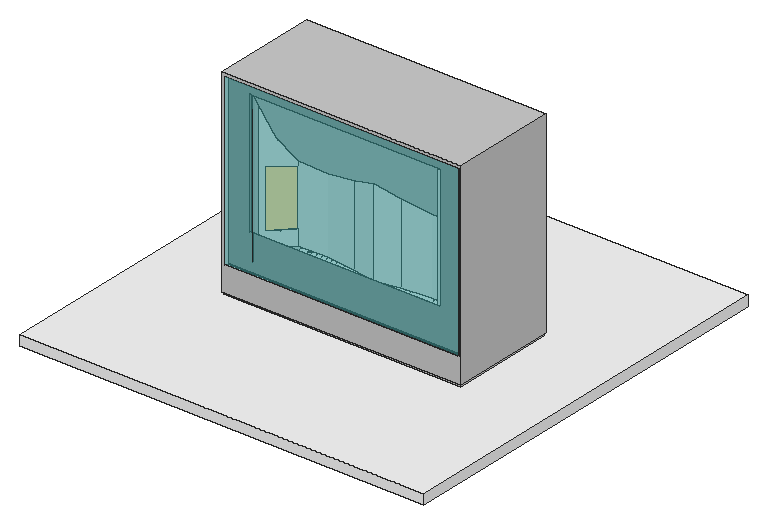
Revit family "BE_22383_de_DE", category Leuchten, Revit 2020
Family settings
  Basisbauteil = Fläche
  Bemaßung runder Anschluss = Durchmesser verwenden
  Teiletyp = Normal
  Beim Laden mit Abzugskörper schneiden = Ja
  Lichtquelle = Ja
  Gemeinsam genutzt = Nein
  Raumberechnungspunkt = Ja
Parameters (values of type "BEGA_22383_Silber_K4")
  built-in parameter 1150104 = 10.618 (stored number, unit not read)
  Wattage = 25.2 W
  Default Elevation = 0 mm
  built-in parameter 1150113 = 1 (stored number, unit not read)
  built-in parameter 1114218 = 1 (stored number, unit not read)
  URL = "https://www.bega.com/de/produkt/22383"
  Typenkommentare = "© 2022 BEGA. Wir behalten uns das Recht vor, technische Änderungen ohne vorherige Ankündigung vorzunehmen."  # constant formula
  Type Image = 22383.png
  built-in parameter 1150134 = 12
  built-in parameter 1150109 = 1 (stored number, unit not read)
  Strom = ""
  built-in parameter 1150110 = 1 (stored number, unit not read)
  Spannung = 239.996 V
  Sonderanfertigung = no
  Seriennummer [instance] = "Hier können Sie die eindeutige Seriennummer für das Facility Management eintragen."
  Schutzklasse = "I"
  Schutzart = "IP 65"
  Scheinlast = 0 VA
  Produktdatenblatt = "https://cdn.bega.com/bega/products/22383WK3/current/documents/data-sheets/de"
  Neigungswinkel = 0.00°
  Modell = "22383AK4"
  Material_17 = BEGA_Reflektor
  Material_15 = BEGA_Leuchtmedium_matt
  Material_09 = BEGA_Glas_klar
  Material_06 = BEGA_Oberfläche_Edelstahl_gebürstet
  Material_03 = BEGA_Oberfläche_Weiss_matt
  Material_02 = BEGA_Oberfläche_Silber_matt
  Material_01 [instance] = BEGA_Oberfläche_Grafit_matt
  M_W = no
  M_G = no
  M_A = yes
  Logo = 0
  built-in parameter 1114217 = 1 (stored number, unit not read)
  built-in parameter 1150139 = (empty or 0)
  built-in parameter 1150105 = 229.19 (stored number, unit not read)
  built-in parameter 1150114 = 1 (stored number, unit not read)
  Lumens = 2880.11 lm
  built-in parameter 1150115 = 1 (stored number, unit not read)
  Leuchtenlichtstrom = "2519 lm"
  Leuchtenanzahl = ""
  Lebensdauerkriterien = "L70B50 @ 25 °C = 200000 h"
  Lastklassifizierung = Beleuchtung
  built-in parameter 1150112 = 1 (stored number, unit not read)
  Lampenlichtstrom = "3090 lm"
  Lampe = "LED 15.4 W"
  LED_Modulbezeichnung = "2x LED-0850/840"
  built-in parameter 1150142 = (empty or 0)
  Hersteller = "BEGA"  # constant formula
  Gewicht = "3.1 kg"
  Frequenz = "0/50-60 Hz"
  Farbwiedergabeindex = "CRI > 80"
  Farbtemperaturverschiebung bei Dämpfen der Lampe = <Keine Auswahl>
  Farbtemperatur = "4000 K"
  Color Filter = 16777215
  built-in parameter 1150133 = 10 (stored number, unit not read)
  Energieeffizienzklasse = "LED A++ - A"
  built-in parameter 1150137 = (empty or 0)
  built-in parameter 1150132 = (empty or 0)
  Dimmbar [instance] = "DALI"
  Datei für fotometrisches Netz = "BE_22383K4.IES"
  CE_Konformität = "ja"
  Bestellnummer = "22383AK4"
  Beschreibung_Sonderanfertigung = "Hier können Sie Informationen zur Sonderanfertigung eintragen."
  Beschreibung = "Wandfluter"
  built-in parameter 1150106 = 2.2919 (stored number, unit not read)
  Befestigungsbohrung = "Ø 5,5 mm"
  Befestigungsabstand = "170 mm"
  BEGA_Intern_aus = yes
  BEGA_Intern_an = yes
  BEGA_Intern_Konstruktion = yes
  BEGA_Intern = yes
  BEGA_IES = yes
  BEGA_Dummy = no
  Anschlussleistung [instance] = "18.5 W"
  built-in parameter 1150107 = 4000 (stored number, unit not read)
  built-in parameter 1150102 = (empty or 0)
  built-in parameter 1150138 = (empty or 0)
  Aktualisierung = "2022-05-18T04:00:07"
  AC/DC = "AC/DC"
Types (6, lengths in mm): name | built-in parameter 1150104 | built-in parameter 1150134 | Modell | M_W | M_G | M_A | built-in parameter 1150105 | Lumens | Leuchtenlichtstrom | Lampenlichtstrom | LED_Modulbezeichnung | Farbtemperatur | Datei für fotometrisches Netz | Bestellnummer | built-in parameter 1150106 | built-in parameter 1150107
  BEGA_22383_Silber_K4 | 10.618 (stored number, unit not read) | 12 | "22383AK4" | no | no | yes | 229.19 (stored number, unit not read) | 2880.11 lm | "2519 lm" | "3090 lm" | "2x LED-0850/840" | "4000 K" | "BE_22383K4.IES" | "22383AK4" | 2.2919 (stored number, unit not read) | 4000 (stored number, unit not read)
  BEGA_22383_Silber_K3 | 9.9174 (stored number, unit not read) | (empty or 0) | "22383AK3" | no | no | yes | 214.07 (stored number, unit not read) | 2690.1 lm | "2446 lm" | "3000 lm" | "2x LED-0850/830" | "3000 K" | "BE_22383K3.IES" | "22383AK3" | 2.1407 (stored number, unit not read) | 3000 (stored number, unit not read)
  BEGA_22383_Weiß_K3 | 9.9174 (stored number, unit not read) | (empty or 0) | "22383WK3" | yes | no | no | 214.07 (stored number, unit not read) | 2690.1 lm | "2446 lm" | "3000 lm" | "2x LED-0850/830" | "3000 K" | "BE_22383K3.IES" | "22383WK3" | 2.1407 (stored number, unit not read) | 3000 (stored number, unit not read)
  BEGA_22383_Grafit_K3 | 9.9174 (stored number, unit not read) | (empty or 0) | "22383K3" | no | yes | no | 214.07 (stored number, unit not read) | 2690.1 lm | "2446 lm" | "3000 lm" | "2x LED-0850/830" | "3000 K" | "BE_22383K3.IES" | "22383K3" | 2.1407 (stored number, unit not read) | 3000 (stored number, unit not read)
  BEGA_22383_Grafit_K4 | 10.618 (stored number, unit not read) | 12 | "22383K4" | no | yes | no | 229.19 (stored number, unit not read) | 2880.11 lm | "2519 lm" | "3090 lm" | "2x LED-0850/840" | "4000 K" | "BE_22383K4.IES" | "22383K4" | 2.2919 (stored number, unit not read) | 4000 (stored number, unit not read)
  BEGA_22383_Weiß_K4 | 10.618 (stored number, unit not read) | 12 | "22383WK4" | yes | no | no | 229.19 (stored number, unit not read) | 2880.11 lm | "2519 lm" | "3090 lm" | "2x LED-0850/840" | "4000 K" | "BE_22383K4.IES" | "22383WK4" | 2.2919 (stored number, unit not read) | 4000 (stored number, unit not read)
Reference planes
  plane 1 "Mitte (Vorne/Hinten)": y = 0
  plane 2: z = 0
  plane 3 "Mitte (Links/Rechts)": x = 0
  plane 4 "Links": x = -118.193
  plane 5 "Rechts": x = 118.193
  plane 6 "Unten": y = -52.5
  plane 7 "Oben": y = 52.5
  plane 8 "Vorne": z = 197.084
Forms (mm)
  Extrusion 1, solid, material "BEGA_Platte_Weiss"
    sketch origin (0, -1119.2, 0) x (1, 0, 0) y (0, 1, 0)
      loop
        line (-200, 1319.2) -> (-200, 919.2) -> (200, 919.2) -> (200, 1319.2) -> (-200, 1319.2)
    from 0 to -10
  Extrusion 2, solid, material "BEGA_Dummy_matt", visible <- "BEGA_Dummy"
    sketch origin (80.095, -76.023, 0) x (1, 0, 0) y (0, 1, 0)
      loop
        line (-198.288, 128.523) -> (-198.288, 23.523) -> (38.098, 23.523) -> (38.098, 128.523) -> (-198.288, 128.523)
    from 0 to 25.379
Dimensions and locks
  plane 1 "Mitte (Vorne/Hinten)" to Extrusion 1 = 200 mm
  aligned and locked: plane 2 to Extrusion 1
  aligned and locked: level to Extrusion 1
Nested families
  nested 1: "BE_22383_Wandleuchte" at (0, 0, 0), type "BE_22383_Wandleuchte"
    with BEGA_Infotext_Winkel no
Connectors
  electrical at (0, 0, 0), driven by "Lastklassifizierung", driven by "Spannung", driven by "Scheinlast"
    settings: index 1, voltage 239.996 V, apparent load 0 VA, apparent load phase1 0 VA, apparent load phase2 0 VA, apparent load phase3 0 VA, power factor 1, load classification "Beleuchtung", number of poles 1, system type 31, power factor state 1, is connector primary yes, connector utility no, sub classification motor no, connector description ""
Definition of nested family "BE_22383_Wandleuchte"
  Parameters (values of type "BE_22383_Wandleuchte")
    Default Elevation = 1 mm
    URL = "http://www.bega.de/de/produkt"
    Type Comments = "© 2015 BEGA. Wir behalten uns das Recht vor, technische Änderungen ohne vorherige Ankündigung vorzunehmen. "  # constant formula
    Type Image = element 70711
    Material_17 = none
    Material_15 = none
    Material_09 = none
    Material_03 = none
    Material_02 = none
    Material_01 = none
    M_W = yes
    M_G = yes
    M_A = yes
    Länge_Platte = 250 mm  # constant formula
    Höhe_Platte = -10 mm  # constant formula
    Manufacturer = "BEGA"  # constant formula
    Breite_Platte = 200 mm  # constant formula
    BEGA_Infotext_Winkel [instance] = no
    Aktualisierung = "Stand: 25.03.2015"  # constant formula
  Reference planes
    plane 1 "Mitte (Oben/Unten)": y = 0
    plane 2: z = 0
    plane 3 "Mitte (Links/Rechts)": x = 0
    plane 4 "Oben": y = 52.5
    plane 5: x = -118.193
    plane 6: x = 118.193
    plane 7: y = -52.5
    plane 8: z = 197.084
  Forms (mm)
    Extrusion 1, solid, detail levels medium
      sketch origin (0, 0, 0) x (1, 0, 0) y (0, 1, 0)
        loop
          line (-125, 100) -> (-125, -100) -> (125, -100) -> (125, 100) -> (-125, 100)
      from 0 to -10 <- "Höhe_Platte"
    Sweep 2, solid, material <- "Material_01", visible <- "M_G", detail levels medium+fine
      path origin (0, 0, 0) x (1, 0, 0) y (0, 1, 0)
        loop
          line (-118.193, 52.5) -> (-118.193, -52.5) -> (118.193, -52.5) -> (118.193, 52.5) -> (-118.193, 52.5)
      profile origin (0, 52.5, 0) x (0, 1, 0) y (0, 0, 1)
        loop
          line (-0.913, 0) -> (-1, 2.5) -> (-8.837, 2.5) -> (-9.5, 21.5) -> (-14, 21.5) -> (-14.384, 10.5) -> (-22.548, 10.5) -> (-22.548, 8) -> (-13, 8) -> (-12.459, 1.817)
          arc (-12.459, 1.817) -> (-11.815, 0.523) -> (-10.467, 0) r 2
          line (-10.467, 0) -> (-0.913, 0)
    Extrusion 3, solid, material <- "Material_01", visible <- "M_G", detail levels medium+fine
      sketch origin (0, 0, 0) x (1, 0, 0) y (0, 1, 0)
        loop
          line (-95.645, 29.952) -> (-95.645, -29.952) -> (95.645, -29.952) -> (95.645, 29.952) -> (-95.645, 29.952)
      from 8 to 10.5
    Sweep 4, solid, material <- "Material_01", visible <- "M_G", detail levels medium+fine
      path origin (0, 0, 0) x (1, 0, 0) y (0, 1, 0)
        loop
          line (118.193, -52.5) -> (118.193, 52.5) -> (-118.193, 52.5) -> (-118.193, -52.5) -> (118.193, -52.5)
      profile origin (0, -52.5, 0) x (0, -1, 0) y (0, 0, 1)
        loop
          line (-2.5, 192.081) -> (-2.5, 2.5) -> (0, 2.5) -> (0, 197.084) -> (-11.489, 197.084) -> (-11.489, 192.081) -> (-2.5, 192.081)
    Extrusion 5, solid, material <- "Material_01", visible <- "M_G", detail levels medium+fine
      sketch origin (0, 0, 0) x (0, 1, 0) y (0, 0, 1)
        loop
          line (41.011, 197.084) -> (-41.011, 197.084) -> (-41.011, 192.081) -> (41.011, 192.081) -> (41.011, 197.084)
      from -106.704 to 106.704
    Extrusion 6, void
      sketch origin (0, 0, 0) x (0, 1, 0) y (0, 0, 1)
        loop
          line (-52.5, 194.084) -> (-52.5, 26.916) -> (-48.4, 26.916) -> (-48.4, 194.084) -> (-52.5, 194.084)
      from -115.693 to 115.693
    Extrusion 7, solid, material <- "Material_09", detail levels medium+fine
      sketch origin (0, 0, 0) x (0, 1, 0) y (0, 0, 1)
        loop
          line (-48.4, 26.916) -> (-48.4, 194.084) -> (-52.4, 194.084) -> (-52.4, 26.916) -> (-48.4, 26.916)
      from -115.693 to 117.193
    Extrusion 8, solid, material <- "Material_01", detail levels medium+fine
      sketch origin (0, -48.4, 27.25) x (0, 0, 1) y (1, 0, 0)
        loop
          line (166.834, -115.693) -> (166.834, 117.193) -> (-0.334, 117.193) -> (-0.334, -115.693) -> (166.834, -115.693)
        loop
          line (156.834, 95.193) -> (34.666, 95.193) -> (34.666, -93.693) -> (156.834, -93.693) -> (156.834, 95.193)
      from 0 to 0.502
    Extrusion 9, solid, material <- "Material_15", detail levels medium+fine
      sketch origin (0, 0, 0) x (1, 0, 0) y (0, 1, 0)
        loop
          line (-78.005, -2.349) -> (-79.278, -1.076) -> (-103.319, -25.118) -> (-102.046, -26.39) -> (-78.005, -2.349)
        loop
          line (79.278, -1.076) -> (78.005, -2.349) -> (102.046, -26.39) -> (103.319, -25.118) -> (79.278, -1.076)
      from 50.704 to 107.299
    Extrusion 10, solid, material <- "Material_17", detail levels medium+fine
      sketch origin (0, 0, 0) x (1, 0, 0) y (0, 1, 0)
        loop
          line (-96, -46.013) -> (-96, -47.097) -> (-91.5, -47.097)
          arc (-91.5, -47.097) -> (-97.524, -38.082) -> (-101.827, -28.131) r 60
          line (-101.827, -28.131) -> (-79.767, -6.071)
          arc (-79.767, -6.071) -> (-51.639, -5.025) -> (-23.641, -7.938) r 200
          line (-23.641, -7.938) -> (0, -12.097) -> (23.641, -7.938)
          arc (23.641, -7.938) -> (51.639, -5.025) -> (79.767, -6.071) r 200
          line (79.767, -6.071) -> (101.827, -28.131)
          arc (101.827, -28.131) -> (97.524, -38.082) -> (91.5, -47.097) r 60
          line (91.5, -47.097) -> (96, -47.097) -> (96, -45.973) -> (93.015, -45.973)
          arc (93.015, -45.973) -> (98.465, -37.38) -> (102.398, -27.994) r 60.5
          line (102.398, -27.994) -> (79.997, -5.593)
          arc (79.997, -5.593) -> (51.68, -4.524) -> (23.495, -7.456) r 200.5
          line (23.495, -7.456) -> (0, -11.589) -> (-23.495, -7.456)
          arc (-23.495, -7.456) -> (-51.68, -4.524) -> (-79.997, -5.593) r 200.5
          line (-79.997, -5.593) -> (-102.398, -27.994)
          arc (-102.398, -27.994) -> (-98.453, -37.402) -> (-92.985, -46.013) r 60.5
          line (-92.985, -46.013) -> (-96, -46.013)
      from 35.739 to 185.739
    Extrusion 11, void
      sketch origin (0, 0, 0) x (1, 0, 0) y (0, 1, 0)
        loop
          line (-80.442, -5.397) -> (-98.635, -23.59) -> (-97.669, -24.556) -> (-79.476, -6.363) -> (-80.442, -5.397)
        loop
          line (80.442, -5.397) -> (79.476, -6.363) -> (97.669, -24.556) -> (98.635, -23.59) -> (80.442, -5.397)
      from 50.704 to 107.299
    Extrusion 12, void
      sketch origin (0, 0, 0) x (0, 1, 0) y (0, 0, 1)
        loop
          line (-47.2, 182.873) -> (7.8, 87.61) -> (7.8, 188.491) -> (-47.2, 188.491) -> (-47.2, 182.873)
      from -90.943 to 90.785
    Extrusion 13, solid, material <- "Material_17", detail levels medium+fine
      sketch origin (-115.693, 0, 0) x (0, -1, 0) y (0, 0, 1)
        loop
          line (4.248, 108.477) -> (47.097, 182.694) -> (47.097, 185.486) -> (3.226, 109.499) -> (4.248, 108.477)
      from -221.427 to -24.626
    Extrusion 14, void
      sketch origin (0, 0, 0) x (1, 0, 0) y (0, 1, 0)
        loop
          circle (-54.435, -4.342) r 8.5
        loop
          circle (-65, -27) r 8.5
        loop
          circle (-86.78, 0) r 3
        loop
          circle (85, 0) r 3
      from 0 to 16.217
    Sweep 15, solid, material <- "Material_02", visible <- "M_A", detail levels medium+fine
      path origin (0, 0, 0) x (1, 0, 0) y (0, 1, 0)
        loop
          line (118.193, -52.5) -> (118.193, 52.5) -> (-118.193, 52.5) -> (-118.193, -52.5) -> (118.193, -52.5)
      profile origin (0, -52.5, 0) x (0, -1, 0) y (0, 0, 1)
        loop
          line (-2.5, 192.081) -> (-2.5, 2.5) -> (0, 2.5) -> (0, 197.084) -> (-11.489, 197.084) -> (-11.489, 192.081) -> (-2.5, 192.081)
    Extrusion 16, solid, material <- "Material_02", visible <- "M_A", detail levels medium+fine
      sketch origin (0, 0, 0) x (0, 1, 0) y (0, 0, 1)
        loop
          line (41.011, 197.084) -> (-41.011, 197.084) -> (-41.011, 192.081) -> (41.011, 192.081) -> (41.011, 197.084)
      from -106.704 to 106.704
    Sweep 17, solid, material <- "Material_03", visible <- "M_W", detail levels medium+fine
      path origin (0, 0, 0) x (1, 0, 0) y (0, 1, 0)
        loop
          line (118.193, -52.5) -> (118.193, 52.5) -> (-118.193, 52.5) -> (-118.193, -52.5) -> (118.193, -52.5)
      profile origin (0, -52.5, 0) x (0, -1, 0) y (0, 0, 1)
        loop
          line (-2.5, 192.081) -> (-2.5, 2.5) -> (0, 2.5) -> (0, 197.084) -> (-11.489, 197.084) -> (-11.489, 192.081) -> (-2.5, 192.081)
    Extrusion 18, solid, material <- "Material_03", visible <- "M_W", detail levels medium+fine
      sketch origin (0, 0, 0) x (0, 1, 0) y (0, 0, 1)
        loop
          line (41.011, 197.084) -> (-41.011, 197.084) -> (-41.011, 192.081) -> (41.011, 192.081) -> (41.011, 197.084)
      from -106.704 to 106.704
    Sweep 19, solid, material <- "Material_02", visible <- "M_A", detail levels medium+fine
      path origin (0, 0, 0) x (1, 0, 0) y (0, 1, 0)
        loop
          line (-118.193, 52.5) -> (-118.193, -52.5) -> (118.193, -52.5) -> (118.193, 52.5) -> (-118.193, 52.5)
      profile origin (0, 52.5, 0) x (0, 1, 0) y (0, 0, 1)
        loop
          line (-0.913, 0) -> (-1, 2.5) -> (-8.837, 2.5) -> (-9.5, 21.5) -> (-14, 21.5) -> (-14.384, 10.5) -> (-22.548, 10.5) -> (-22.548, 8) -> (-13, 8) -> (-12.459, 1.817)
          arc (-12.459, 1.817) -> (-11.815, 0.523) -> (-10.467, 0) r 2
          line (-10.467, 0) -> (-0.913, 0)
    Extrusion 20, solid, material <- "Material_02", visible <- "M_A", detail levels medium+fine
      sketch origin (0, 0, 0) x (1, 0, 0) y (0, 1, 0)
        loop
          line (-95.645, 29.952) -> (-95.645, -29.952) -> (95.645, -29.952) -> (95.645, 29.952) -> (-95.645, 29.952)
      from 8 to 10.5
    Sweep 21, solid, material <- "Material_03", visible <- "M_W", detail levels medium+fine
      path origin (0, 0, 0) x (1, 0, 0) y (0, 1, 0)
        loop
          line (-118.193, 52.5) -> (-118.193, -52.5) -> (118.193, -52.5) -> (118.193, 52.5) -> (-118.193, 52.5)
      profile origin (0, 52.5, 0) x (0, 1, 0) y (0, 0, 1)
        loop
          line (-0.913, 0) -> (-1, 2.5) -> (-8.837, 2.5) -> (-9.5, 21.5) -> (-14, 21.5) -> (-14.384, 10.5) -> (-22.548, 10.5) -> (-22.548, 8) -> (-13, 8) -> (-12.459, 1.817)
          arc (-12.459, 1.817) -> (-11.815, 0.523) -> (-10.467, 0) r 2
          line (-10.467, 0) -> (-0.913, 0)
    Extrusion 22, solid, material <- "Material_03", visible <- "M_W", detail levels medium+fine
      sketch origin (0, 0, 0) x (1, 0, 0) y (0, 1, 0)
        loop
          line (-95.645, 29.952) -> (-95.645, -29.952) -> (95.645, -29.952) -> (95.645, 29.952) -> (-95.645, 29.952)
      from 8 to 10.5
  Cuts and joins
    Extrusion 11, Extrusion 14 cuts Sweep 2
    Extrusion 11, Extrusion 14 cuts Extrusion 3
    joined: Sweep 2, Extrusion 3
    Extrusion 6, Extrusion 11, Extrusion 12, Extrusion 14 cuts Sweep 4
    Extrusion 6, Extrusion 11, Extrusion 12, Extrusion 14 cuts Extrusion 5
    joined: Sweep 4, Extrusion 5
    Extrusion 11, Extrusion 12, Extrusion 14 cuts Extrusion 10
    Extrusion 14 cuts Extrusion 13
    Extrusion 6 cuts Sweep 15
    joined: Sweep 15, Extrusion 16
    Extrusion 6, Extrusion 14 cuts Sweep 17
    joined: Sweep 17, Extrusion 18
    Extrusion 14 cuts Sweep 19
    Extrusion 14 cuts Extrusion 20
    joined: Sweep 19, Extrusion 20
    Extrusion 14 cuts Sweep 21
    Extrusion 14 cuts Extrusion 22
    joined: Sweep 21, Extrusion 22
  Dimensions and locks
    equal spacing: Extrusion 1 sketch curve, plane 3 "Mitte (Links/Rechts)", Extrusion 1 sketch curve
    equal spacing: Extrusion 1 sketch curve, plane 1 "Mitte (Oben/Unten)", Extrusion 1 sketch curve
    "Länge_Platte": Extrusion 1 sketch curve to Extrusion 1 sketch curve
    "Breite_Platte": Extrusion 1 sketch curve to Extrusion 1 sketch curve
    plane 1 "Mitte (Oben/Unten)" to Extrusion 1 = 100 mm  (x3)
    aligned and locked: Extrusion 1 to plane 2
    aligned and locked: Extrusion 1 to level
  Automatic sketch dimensions
    plane 1 "Mitte (Oben/Unten)" to Sweep 2 sketch curve = 52.5 mm
    Sweep 2 sketch curve to plane 1 "Mitte (Oben/Unten)" = 52.5 mm
    Sweep 2 sketch curve to level = 0 mm
    level to Sweep 2 sketch curve = 10.5 mm
    profile plane to Sweep 2 sketch curve = 22.548 mm
    Sweep 2 sketch curve to Sweep 2 sketch curve = 8.164 mm
    Sweep 2 sketch curve to Sweep 2 sketch curve = 0.384 mm
    Sweep 2 sketch curve to Sweep 2 sketch curve = 1.384 mm
    level to Sweep 2 sketch curve = 1.817 mm
    Sweep 2 sketch curve to Sweep 2 sketch curve = 0.541 mm
    level to Sweep 2 sketch curve = 2 mm
    Sweep 2 sketch curve to Sweep 2 sketch curve = 4.5 mm
    level to Sweep 2 sketch curve = 2.5 mm
    Sweep 2 sketch curve to Sweep 2 sketch curve = 1.631 mm
    profile plane to Sweep 2 sketch curve = 1 mm
    profile plane to Sweep 2 sketch curve = 0.913 mm
    Sweep 2 sketch curve to Sweep 2 sketch curve = 2.5 mm
    Sweep 2 sketch curve to Sweep 2 sketch curve = 11 mm
    plane 1 "Mitte (Oben/Unten)" to Extrusion 3 sketch curve = 29.952 mm
    Extrusion 3 sketch curve to plane 3 "Mitte (Links/Rechts)" = 95.645 mm
    plane 3 "Mitte (Links/Rechts)" to Extrusion 3 sketch curve = 95.645 mm
    Extrusion 3 sketch curve to plane 1 "Mitte (Oben/Unten)" = 29.952 mm
    plane 1 "Mitte (Oben/Unten)" to Sweep 4 sketch curve = 52.5 mm
    Sweep 4 sketch curve to plane 1 "Mitte (Oben/Unten)" = 52.5 mm
    Sweep 4 sketch curve to profile plane = 0 mm
    profile plane to Sweep 4 sketch curve = 2.5 mm
    Sweep 4 sketch curve to Sweep 4 sketch curve = 8.989 mm
    level to Sweep 4 sketch curve = 2.5 mm
    Sweep 4 sketch curve to Sweep 4 sketch curve = 189.581 mm
    Sweep 4 sketch curve to Sweep 4 sketch curve = 5.003 mm
    plane 1 "Mitte (Oben/Unten)" to Extrusion 5 sketch curve = 41.011 mm
    Extrusion 5 sketch curve to plane 1 "Mitte (Oben/Unten)" = 41.011 mm
    plane 1 "Mitte (Oben/Unten)" to Extrusion 6 sketch curve = 52.5 mm
    Extrusion 6 sketch curve to Extrusion 6 sketch curve = 4.1 mm
    level to Extrusion 6 sketch curve = 26.916 mm
    plane 1 "Mitte (Oben/Unten)" to Extrusion 7 sketch curve = 52.4 mm
    Extrusion 7 sketch curve to Extrusion 7 sketch curve = 4 mm
    level to Extrusion 7 sketch curve = 26.916 mm
    Extrusion 8 sketch curve to Extrusion 7 = 0 mm  (x3)
    Extrusion 7 to Extrusion 8 sketch curve = 0 mm
    Extrusion 7 to Extrusion 8 sketch curve = 35 mm
    Extrusion 7 to Extrusion 8 sketch curve = 10 mm
    Extrusion 7 to Extrusion 8 sketch curve = 22 mm  (x2)
    plane 1 "Mitte (Oben/Unten)" to Extrusion 9 sketch curve = 1.076 mm  (x2)
    Extrusion 9 sketch curve to plane 3 "Mitte (Links/Rechts)" = 79.278 mm
    plane 1 "Mitte (Oben/Unten)" to Extrusion 9 sketch curve = 25.118 mm  (x2)
    Extrusion 9 sketch curve to Extrusion 9 sketch curve = 24.042 mm  (x2)
    plane 1 "Mitte (Oben/Unten)" to Extrusion 9 sketch curve = 2.349 mm  (x2)
    Extrusion 9 sketch curve to Extrusion 9 sketch curve = 1.273 mm  (x4)
    plane 1 "Mitte (Oben/Unten)" to Extrusion 9 sketch curve = 26.39 mm
    plane 3 "Mitte (Links/Rechts)" to Extrusion 9 sketch curve = 78.005 mm
    Extrusion 10 sketch curve to Extrusion 10 sketch curve = 0 mm  (x14)
    Extrusion 10 sketch curve to plane 3 "Mitte (Links/Rechts)" = 0 mm  (x2)
    plane 1 "Mitte (Oben/Unten)" to Extrusion 10 sketch curve = 7.456 mm  (x2)
    Extrusion 10 sketch curve to plane 3 "Mitte (Links/Rechts)" = 23.495 mm
    plane 1 "Mitte (Oben/Unten)" to Extrusion 10 sketch curve = 9.389 mm  (x2)
    Extrusion 10 sketch curve to Extrusion 10 sketch curve = 21.334 mm  (x2)
    Extrusion 10 sketch curve to Extrusion 10 sketch curve = 46.671 mm  (x2)
    Extrusion 10 sketch curve to Extrusion 10 sketch curve = 1.485 mm
    Extrusion 10 sketch curve to Extrusion 10 sketch curve = 3.015 mm
    plane 1 "Mitte (Oben/Unten)" to Extrusion 10 sketch curve = 28.131 mm  (x2)
    Extrusion 10 sketch curve to Extrusion 10 sketch curve = 5.827 mm
    plane 1 "Mitte (Oben/Unten)" to Extrusion 10 sketch curve = 27.994 mm  (x2)
    Extrusion 10 sketch curve to Extrusion 10 sketch curve = 0.57 mm  (x2)
    plane 3 "Mitte (Links/Rechts)" to Extrusion 10 sketch curve = 23.495 mm
    Extrusion 10 sketch curve to Extrusion 10 sketch curve = 1.515 mm
    Extrusion 10 sketch curve to Extrusion 10 sketch curve = 8.812 mm
    plane 1 "Mitte (Oben/Unten)" to Extrusion 10 sketch curve = 12.097 mm
    Extrusion 10 sketch curve to Extrusion 10 sketch curve = 0.508 mm
    Extrusion 10 sketch curve to Extrusion 10 sketch curve = 0.146 mm  (x2)
    plane 1 "Mitte (Oben/Unten)" to Extrusion 10 sketch curve = 7.938 mm  (x2)
    plane 1 "Mitte (Oben/Unten)" to Extrusion 10 sketch curve = 6.071 mm  (x2)
    Extrusion 10 sketch curve to Extrusion 10 sketch curve = 0.229 mm  (x2)
    Extrusion 10 sketch curve to Extrusion 10 sketch curve = 22.06 mm  (x2)
    plane 1 "Mitte (Oben/Unten)" to Extrusion 10 sketch curve = 5.593 mm  (x2)
    Extrusion 10 sketch curve to Extrusion 10 sketch curve = 2.985 mm
    plane 1 "Mitte (Oben/Unten)" to Extrusion 11 sketch curve = 23.59 mm  (x2)
    Extrusion 11 sketch curve to plane 3 "Mitte (Links/Rechts)" = 98.635 mm
    plane 1 "Mitte (Oben/Unten)" to Extrusion 11 sketch curve = 24.556 mm  (x2)
    Extrusion 11 sketch curve to Extrusion 11 sketch curve = 0.966 mm  (x4)
    plane 1 "Mitte (Oben/Unten)" to Extrusion 11 sketch curve = 5.397 mm  (x2)
    Extrusion 11 sketch curve to Extrusion 11 sketch curve = 18.193 mm  (x2)
    plane 1 "Mitte (Oben/Unten)" to Extrusion 11 sketch curve = 6.363 mm  (x2)
    plane 3 "Mitte (Links/Rechts)" to Extrusion 11 sketch curve = 79.476 mm
    plane 1 "Mitte (Oben/Unten)" to Extrusion 12 sketch curve = 47.2 mm
    Extrusion 12 sketch curve to plane 1 "Mitte (Oben/Unten)" = 7.8 mm
    level to Extrusion 12 sketch curve = 87.61 mm
    Extrusion 12 sketch curve to Extrusion 12 sketch curve = 5.619 mm
    Extrusion 14 sketch curve to plane 1 "Mitte (Oben/Unten)" = 0 mm  (x2)
    Extrusion 14 sketch curve to plane 3 "Mitte (Links/Rechts)" = 86.78 mm
    Extrusion 14 sketch curve to Extrusion 14 sketch curve = 21.78 mm
    plane 1 "Mitte (Oben/Unten)" to Extrusion 14 sketch curve = 4.342 mm
    Extrusion 14 sketch curve to Extrusion 14 sketch curve = 10.565 mm
    plane 3 "Mitte (Links/Rechts)" to Extrusion 14 sketch curve = 85 mm
    Extrusion 14 sketch curve to Extrusion 14 sketch curve = 22.658 mm
    Extrusion 7 to Extrusion 13 sketch curve = 45.174 mm
    Extrusion 13 sketch curve to Extrusion 13 sketch curve = 1.022 mm  (x2)
    Extrusion 7 to Extrusion 13 sketch curve = 1.303 mm
    Extrusion 13 sketch curve to Extrusion 7 = 11.39 mm
    Extrusion 13 sketch curve to Extrusion 13 sketch curve = 2.793 mm
    Extrusion 13 sketch curve to Extrusion 7 = 82.583 mm
    Sweep 2 sketch curve to plane 3 "Mitte (Links/Rechts)" = 118.193 mm
    Sweep 4 sketch curve to plane 3 "Mitte (Links/Rechts)" = 118.193 mm
    plane 3 "Mitte (Links/Rechts)" to Sweep 2 sketch curve = 118.193 mm
    plane 3 "Mitte (Links/Rechts)" to Sweep 4 sketch curve = 118.193 mm
    Extrusion 10 sketch curve to plane 3 "Mitte (Links/Rechts)" = 58.288 mm
    plane 3 "Mitte (Links/Rechts)" to Extrusion 10 sketch curve = 58.288 mm
    level to Extrusion 5 sketch curve = 192.081 mm
    Extrusion 5 sketch curve to Extrusion 5 sketch curve = 5.003 mm
    Extrusion 6 sketch curve to Extrusion 6 sketch curve = 167.168 mm
    Extrusion 7 sketch curve to Extrusion 7 sketch curve = 167.168 mm
    Extrusion 12 sketch curve to Extrusion 12 sketch curve = 95.263 mm
    Sweep 15 sketch curve to plane 5 = 0 mm
    Sweep 15 sketch curve to plane 4 "Oben" = 0 mm
    Sweep 15 sketch curve to plane 6 = 0 mm
    Sweep 15 sketch curve to plane 7 = 0 mm
    Sweep 15 sketch curve to profile plane = 0 mm
    profile plane to Sweep 15 sketch curve = 2.5 mm
    Sweep 15 sketch curve to Sweep 15 sketch curve = 8.989 mm
    level to Sweep 15 sketch curve = 2.5 mm
    Sweep 15 sketch curve to Sweep 15 sketch curve = 189.581 mm
    Sweep 15 sketch curve to Sweep 15 sketch curve = 5.003 mm
    plane 8 to Extrusion 16 sketch curve = 0 mm
    plane 8 to Extrusion 16 sketch curve = 5.003 mm
    Extrusion 16 sketch curve to plane 7 = 11.489 mm
    Extrusion 16 sketch curve to plane 4 "Oben" = 11.489 mm
    Sweep 17 sketch curve to plane 5 = 0 mm
    Sweep 17 sketch curve to plane 4 "Oben" = 0 mm
    Sweep 17 sketch curve to plane 6 = 0 mm
    Sweep 17 sketch curve to plane 7 = 0 mm
    Sweep 17 sketch curve to profile plane = 0 mm
    profile plane to Sweep 17 sketch curve = 2.5 mm
    Sweep 17 sketch curve to Sweep 17 sketch curve = 8.989 mm
    level to Sweep 17 sketch curve = 2.5 mm
    Sweep 17 sketch curve to Sweep 17 sketch curve = 189.581 mm
    Sweep 17 sketch curve to Sweep 17 sketch curve = 5.003 mm
    plane 8 to Extrusion 18 sketch curve = 0 mm
    plane 8 to Extrusion 18 sketch curve = 5.003 mm
    Extrusion 18 sketch curve to plane 7 = 11.489 mm
    Extrusion 18 sketch curve to plane 4 "Oben" = 11.489 mm
    Sweep 19 sketch curve to plane 5 = 0 mm
    Sweep 19 sketch curve to plane 6 = 0 mm
    Sweep 19 sketch curve to plane 7 = 0 mm
    Sweep 19 sketch curve to plane 4 "Oben" = 0 mm
    Sweep 19 sketch curve to level = 0 mm
    level to Sweep 19 sketch curve = 10.5 mm
    profile plane to Sweep 19 sketch curve = 22.548 mm
    Sweep 19 sketch curve to Sweep 19 sketch curve = 8.164 mm
    Sweep 19 sketch curve to Sweep 19 sketch curve = 0.384 mm
    Sweep 19 sketch curve to Sweep 19 sketch curve = 1.384 mm
    level to Sweep 19 sketch curve = 1.817 mm
    Sweep 19 sketch curve to Sweep 19 sketch curve = 0.541 mm
    Sweep 19 sketch curve to Sweep 19 sketch curve = 1.992 mm
    Sweep 19 sketch curve to Sweep 19 sketch curve = 4.5 mm
    level to Sweep 19 sketch curve = 2.5 mm
    Sweep 19 sketch curve to Sweep 19 sketch curve = 1.631 mm
    profile plane to Sweep 19 sketch curve = 1 mm
    profile plane to Sweep 19 sketch curve = 0.913 mm
    Sweep 19 sketch curve to Sweep 19 sketch curve = 2.5 mm
    Sweep 19 sketch curve to Sweep 19 sketch curve = 11 mm
    Extrusion 20 sketch curve to plane 5 = 22.548 mm
    Extrusion 20 sketch curve to plane 6 = 22.548 mm
    Extrusion 20 sketch curve to plane 7 = 22.548 mm
    Extrusion 20 sketch curve to plane 4 "Oben" = 22.548 mm
    Sweep 21 sketch curve to plane 5 = 0 mm
    Sweep 21 sketch curve to plane 6 = 0 mm
    Sweep 21 sketch curve to plane 7 = 0 mm
    Sweep 21 sketch curve to plane 4 "Oben" = 0 mm
    Sweep 21 sketch curve to level = 0 mm
    level to Sweep 21 sketch curve = 10.5 mm
    profile plane to Sweep 21 sketch curve = 22.548 mm
    Sweep 21 sketch curve to Sweep 21 sketch curve = 8.164 mm
    Sweep 21 sketch curve to Sweep 21 sketch curve = 0.384 mm
    Sweep 21 sketch curve to Sweep 21 sketch curve = 1.384 mm
    level to Sweep 21 sketch curve = 1.817 mm
    Sweep 21 sketch curve to Sweep 21 sketch curve = 0.541 mm
    Sweep 21 sketch curve to Sweep 21 sketch curve = 1.992 mm
    Sweep 21 sketch curve to Sweep 21 sketch curve = 4.5 mm
    level to Sweep 21 sketch curve = 2.5 mm
    Sweep 21 sketch curve to Sweep 21 sketch curve = 1.631 mm
    profile plane to Sweep 21 sketch curve = 1 mm
    profile plane to Sweep 21 sketch curve = 0.913 mm
    Sweep 21 sketch curve to Sweep 21 sketch curve = 2.5 mm
    Sweep 21 sketch curve to Sweep 21 sketch curve = 11 mm
    Extrusion 22 sketch curve to plane 5 = 22.548 mm
    Extrusion 22 sketch curve to plane 6 = 22.548 mm
    Extrusion 22 sketch curve to plane 7 = 22.548 mm
    Extrusion 22 sketch curve to plane 4 "Oben" = 22.548 mm
    radius of Extrusion 14 sketch curve = 8.5 mm  (x2)
    radius of Extrusion 14 sketch curve = 3 mm  (x2)
